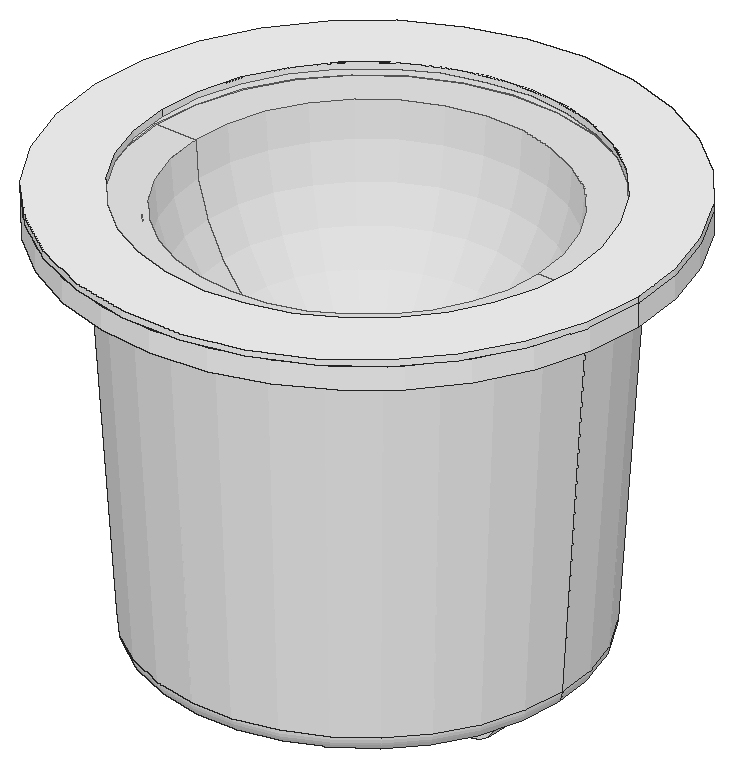
Revit family "2058957", category Lighting Fixtures, host Face, Revit 2018
Family settings
  Host = Face
  Round Connector Dimension = Use Diameter
  Part Type = Normal
  OmniClass Number = 23.80.70.11.17
  OmniClass Title = Specialized Lighting by Location or Use
  Cut with Voids When Loaded = No
  Light Source = Yes
  Shared = No
  Room Calculation Point = No
Parameters (values of type "2058957 MYRIAD DECO IP65 SP 3K DALI BK CBEZ")
  Weight = "n/a"
  Wattage = 15 W
  WarrantyStartDate [instance] = "n/a"
  WarrantyGuarantorParts = "n/a"
  WarrantyDurationUnit = "n/a"
  WarrantyDurationParts = ""
  WarrantyDescription = "http://www.sylvania-lighting.com"
  built-in parameter 1150110 = 1 (stored number, unit not read)
  Voltage = 230 V
  URL = "0"
  TypeName = "MYRIAD DECO IP65 SPOT 3000K DALI BLACK CBEZ"
  Type Image = 0
  Type Comments = ""
  built-in parameter 1114217 = 1 (stored number, unit not read)
  Tilt Angle = -90°
  built-in parameter 1150109 = 1 (stored number, unit not read)
  built-in parameter 1150134 = (empty or 0)
  built-in parameter 1150113 = 1 (stored number, unit not read)
  SerialNumber [instance] = "n/a"
  Reflector Radius = Cutout Diameter / 2 - 2.5 mm  # 35.0 mm
  Reflector Material = Aluminum_Sylvania_Myriad_Bright
  Recessed Depth = Height  # 72.0 mm
  PowerFactor = 0
  PowerConsumption = "Lighting"
  Photometric Web File = "2058957.ies"
  NominalWidth = 0.0 mm
  NominalLength = 76.0 mm
  NominalHeight = 72.0 mm
  Name = "MYRIAD DECO IP65 SPOT 3000K DALI BLACK CBEZ"
  ModelReference = "MYRIAD DECO IP65 SPOT 3000K DALI BLACK CBEZ"
  ModelNumber = "2058957"
  Material = "Feilo Sylvania"
  ManufacturerName = "111 lm/W"
  LuminousEfficacy = ""
  LuminaireType = "0"
  LightOutputRatio = "LED"
  LampsType = Lamp  # "n/a"
  LampNominalLuminous = "3000 K"
  LampMacAdamStep = "90"
  LampColourTemperature = "LED"
  LampColourRenderingIndex = "16500"
  Keynote = "n/a"
  Keynote_2 = "16500"
  InstallationDate [instance] = "n/a"
  InputVoltage = "0"
  InputNominalFrequency = "3000"
  IngressProtection = "IfcLightFixtureType"
  ImpactProtectionIndex = "IfcLightFixtureType"
  IfcExportType = "IfcLightFixtureType"
  IfcExportAs = "Class II"
  Height = 72.0 mm  # constant formula
  ExpectedLife = 50000
  Emit from Circle Diameter = Accessory Inner Diameter 2  # 68.0 mm
  Emit Shape Visible in Rendering = no
  ElectricShockClassification = "111"
  DurationUnit = "hours"
  DocumentationLiterature = "http://www.sylvania-lighting.com/product/en-int/products/2058957"
  DimmingControlOptions = "n/a"
  Diffuser Material = Glass_Sylvania_Myriad_Clear_4000K
  Diffuser Diameter = Cutout Diameter  # 75.0 mm
  Cutout Diameter = 75.0 mm  # constant formula
  CreatedOn = "03/02/2022"
  CreatedBy = "@sylvania-lighting.com"
  built-in parameter 1001205 = 0
  Cost = 0
  built-in parameter 1114216 [instance] = 1 (stored number, unit not read)
  Model = "MYRIAD DECO IP65 SPOT 3000K DALI BLACK CBEZ"
  Manufacturer = "Feilo Sylvania"  # constant formula
  built-in parameter 1150105 = 83.556 (stored number, unit not read)
  Lumens = 1050 lm
  built-in parameter 1150115 = 1 (stored number, unit not read)
  built-in parameter 1150137 = (empty or 0)
  built-in parameter 1150139 = (empty or 0)
  built-in parameter 1150112 = 1 (stored number, unit not read)
  built-in parameter 1150114 = 1 (stored number, unit not read)
  Lamp = "n/a"
  built-in parameter 1150132 = (empty or 0)
  built-in parameter 1150102 = (empty or 0)
  built-in parameter 1150107 = 2700 (stored number, unit not read)
  built-in parameter 1150138 = (empty or 0)
  built-in parameter 1150106 = 0.83556 (stored number, unit not read)
  built-in parameter 1150104 = 6.5032 (stored number, unit not read)
  Dimming Lamp Color Temperature Shift = <None>
  Description = "Supplied complete with electronic control gear Compact Fluorescent low energy downlight Emergency version passes through the cut out Ideal for low level orientation lighting New range of Architectural accessories each providing a different lit dimension New completely flush plaster up accessory ring for clean ceiling lines and smooth finish Order lamp separately"  # constant formula
  Default Elevation = 0.0 mm
  Color Filter = 16777215
  built-in parameter 1140040 [instance] = 1
  Body Radius = Reflector Radius + 1.5 mm  # 36.5 mm
  Body Material = Aluminum_Sylvania_Myriad_Gray
  BarCode [instance] = "n/a"
  built-in parameter 1114218 = 1 (stored number, unit not read)
  built-in parameter 1150133 = 10 (stored number, unit not read)
  AssetType = "Fixed"
  AssetIdentifier [instance] = "n/a"
  Assembly Code = "D5020200"
  Apparent Load = 10 VA
  Accessory Material = Aluminum_Sylvania_Myriad_White
  Accessory Inner Diameter 2 = Accessory Diameter - 22.0 mm  # 68.0 mm
  Accessory Inner Diameter 1 = Accessory Diameter - 2.0 mm  # 88.0 mm
  Accessory Diameter = Cutout Diameter + 15.0 mm  # 90.0 mm
Reference planes
  plane 1 "Center (Front/Back)": y = 0
  plane 2: z = 0
  plane 3 "Center (Left/Right)": x = 0
  plane 4: z = 2
  plane 5 "Fixture Bottom": z = 4.5
  plane 6: z = -28.5
  plane 7: z = -61.5
  plane 8 "Fixture Top": z = -67.5
  plane 9: z = 3.5
Forms (mm)
  Revolve 1, solid, material "Aluminum_Sylvania_Myriad_Bright" <- "Reflector Material", detail levels fine
    sketch origin (0, 0, 0) x (1, 0, 0) y (0, 0, 1)
      loop
        line (0, -27.515) -> (-6, -27.515)
        arc (-6, -27.515) -> (-22.333, -16.632) -> (-28.5, 2) r 30.135
        line (-28.5, 2) -> (-35, 2) -> (-35, 0) -> (-29.184, 0)
        arc (-29.184, 0) -> (-22.423, -18.18) -> (-6, -28.5) r 30.204
        line (-6, -28.5) -> (0, -28.5) -> (0, -27.515)
      axis (0, -28.5) -> (0, 2)
    angle from 0 to 360
  Revolve 2, solid, material "Aluminum_Sylvania_Myriad_Gray" <- "Body Material", detail levels fine
    sketch origin (0, 0, 0) x (1, 0, 0) y (0, 0, 1)
      loop
        line (-44, 2) -> (-44, 0) -> (-36.5, 0) -> (-32.42, -58.708)
        arc (-32.42, -58.708) -> (-31.474, -60.694) -> (-29.428, -61.5) r 3
        line (-29.428, -61.5) -> (0, -61.5) -> (0, -28.5) -> (-6, -28.5)
        arc (-6, -28.5) -> (-22.423, -18.18) -> (-29.184, 0) r 30.204
        line (-29.184, 0) -> (-35, 0) -> (-35, 2) -> (-44, 2)
      axis (0, 2) -> (0, -61.5)
    angle from 0 to 360
  Extrusion 3, solid, material "Aluminum_Sylvania_Myriad_Gray" <- "Body Material", detail levels fine
    sketch origin (0, 0, 0) x (1, 0, 0) y (0, 0, 1)
      loop
        line (-13.5, -67.5) -> (21, -67.5)
        arc (21, -67.5) -> (23.828, -66.328) -> (25, -63.5) r 4
        line (25, -63.5) -> (25, -61.5) -> (-17.5, -61.5) -> (-17.5, -63.5)
        arc (-17.5, -63.5) -> (-16.328, -66.328) -> (-13.5, -67.5) r 4
    from -4.5 to 4.5
  Extrusion 4, solid, material "Aluminum_Sylvania_Myriad_White" <- "Accessory Material", detail levels fine
    sketch origin (0, 0, 0) x (1, 0, 0) y (0, 1, 0)
      loop
        circle (0, 0) r 45
      loop
        circle (0, 0) r 44
    from 0 to 3.5
  Extrusion 5, solid, material "Aluminum_Sylvania_Myriad_White" <- "Accessory Material", detail levels fine
    sketch origin (0, 0, 0) x (1, 0, 0) y (0, 1, 0)
      loop
        circle (0, 0) r 45
      loop
        circle (0, 0) r 34
    from 3.5 to 4.5
  Extrusion 6, solid, material "Aluminum_Sylvania_Myriad_White" <- "Accessory Material", detail levels coarse+medium
    sketch origin (0, 0, 0) x (1, 0, 0) y (0, 1, 0)
      loop
        circle (0, 0) r 45
    from 0 to 4.5
  Revolve 7, solid, detail levels coarse+medium
    sketch origin (0, 0, 0) x (1, 0, 0) y (0, 0, 1)
      loop
        line (36.5, 0) -> (0, 0) -> (0, -61.5) -> (32.226, -61.5) -> (36.5, 0)
      axis (0, 0) -> (0, -61.5)
    angle from 0 to 360
  Extrusion 8, void
    sketch origin (0, 0, 0) x (1, 0, 0) y (0, 1, 0)
      loop
        circle (0, 0) r 37.5
    from -67.5 to 0
  Extrusion 9, solid, material "Glass_Sylvania_Myriad_Clear_4000K" <- "Diffuser Material", detail levels fine
    sketch origin (0, 0, 0) x (1, 0, 0) y (0, 1, 0)
      loop
        circle (0, 0) r 37.5
    from 2 to 3.5
Cuts and joins
  joined: Extrusion 4, Extrusion 5
Lines and regions (mm)
  Masking region 1
    outline origin (0, 0, 0) x (1, 0, 0) y (0, 1, 0)
      loop
        circle (0, 0) r 45
  symbolic lines
    curve 1: arc (-34, 0, 0) -> (0, 34, 0) -> (34, 0, 0) r 34
    curve 2: arc (34, 0, 0) -> (0, -34, 0) -> (-34, 0, 0) r 34
Dimensions and locks
  locked: plane 7 to plane 8 "Fixture Top" at 6
  "Body Radius": Revolve 7 sketch curve to plane 3 "Center (Left/Right)"
  locked: Revolve 7 sketch curve to Revolve 7 sketch curve at 4.274
  plane 5 "Fixture Bottom" to plane 9 to plane 4 to plane 2 to plane 6 = 1.0 mm locked, 1.5 mm locked, 2.0 mm locked, 28.5 mm locked
  "Reflector Radius": Revolve 1 sketch curve to plane 3 "Center (Left/Right)"
  Revolve 1 sketch curve to Revolve 1 sketch curve to Revolve 1 sketch curve to Revolve 1 sketch curve = 6.5 mm locked, 22.5 mm locked, 0.0 mm locked
  "Reflector Radius": plane 3 "Center (Left/Right)" to Revolve 2 sketch curve
  Revolve 2 sketch curve to Revolve 2 sketch curve to Revolve 2 sketch curve = 7.5 mm locked, 1.5 mm locked
  Revolve 2 sketch curve to Revolve 2 sketch curve to Revolve 2 sketch curve = 5.816 mm locked, 23.184 mm locked
  Revolve 2 sketch curve to Revolve 2 sketch curve to Revolve 2 sketch curve = 2.58 mm locked, 2.993 mm locked
  "Accessory Diameter": diameter of Extrusion 4 sketch curve
  "Accessory Inner Diameter 1": diameter of Extrusion 4 sketch curve
  "Accessory Diameter": diameter of Extrusion 5 sketch curve
  "Accessory Diameter": diameter of Extrusion 6 sketch curve
  "Cutout Diameter": diameter of Extrusion 8 sketch curve
  "Accessory Inner Diameter 2": diameter of Extrusion 5 sketch curve
  "Diffuser Diameter": diameter of Extrusion 9 sketch curve
  aligned and locked: plane 2 to host face
  aligned and locked: level to host face
  aligned and locked: plane 1 "Center (Front/Back)" to imposter light
  aligned and locked: plane 3 "Center (Left/Right)" to imposter light
  aligned and locked: Revolve 1 sketch curve to imposter light
  aligned and locked: Extrusion 3 sketch curve to plane 8 "Fixture Top"
  aligned and locked: plane 7 to Extrusion 3 sketch curve
  aligned and locked: Extrusion 4 to plane 2
  aligned and locked: plane 9 to Extrusion 4
  aligned and locked: Extrusion 5 to plane 9
  aligned and locked: plane 5 "Fixture Bottom" to Extrusion 5
  aligned and locked: Extrusion 6 to plane 2
  aligned and locked: plane 5 "Fixture Bottom" to Extrusion 6
  aligned and locked: Extrusion 8 to plane 8 "Fixture Top"
  aligned and locked: plane 2 to Extrusion 8
  aligned and locked: Masking region 1 sketch curve to Extrusion 6  (x2)
  aligned and locked: Extrusion 9 to plane 4
  aligned and locked: plane 9 to Extrusion 9
  aligned and locked: plane 4 to Revolve 2 sketch curve
  aligned and locked: Revolve 2 sketch curve to plane 2
  aligned and locked: curve 1 to cut or joined group of Extrusion 4, Extrusion 5
  aligned and locked: curve 2 to cut or joined group of Extrusion 4, Extrusion 5
  aligned and locked: imposter light to plane 5 "Fixture Bottom"
Automatic sketch dimensions
  host sketch curve to host sketch curve = 1305.563 mm
  host sketch curve to host sketch curve = 1283.632 mm
  Extrusion 3 sketch curve to plane 7 = 2.0 mm
  Extrusion 3 sketch curve to plane 3 "Center (Left/Right)" = 13.5 mm
  plane 3 "Center (Left/Right)" to Extrusion 3 sketch curve = 21.0 mm
  Extrusion 3 sketch curve to Extrusion 3 sketch curve = 4.0 mm
  Revolve 1 sketch curve to level = 0.0 mm
  Revolve 1 sketch curve to plane 3 "Center (Left/Right)" = 0.0 mm
  Revolve 1 sketch curve to plane 6 = 0.0 mm
  Revolve 1 sketch curve to plane 4 = 0.0 mm
  Revolve 1 sketch curve to Revolve 1 sketch curve = 0.684 mm
  level to Revolve 1 sketch curve = 0.88 mm
  Revolve 1 sketch curve to plane 4 = 0.363 mm
  Revolve 1 sketch curve to Revolve 1 sketch curve = 0.625 mm
  Revolve 1 sketch curve to plane 8 "Fixture Top" = 232.8 mm
  plane 5 "Fixture Bottom" to Revolve 1 sketch curve = 291.243 mm
  Revolve 2 sketch curve to plane 3 "Center (Left/Right)" = 0.0 mm  (x2)
  Revolve 2 sketch curve to plane 7 = 0.0 mm
  Revolve 2 sketch curve to plane 6 = 0.0 mm
  Revolve 2 sketch curve to level = 0.0 mm
  level to Revolve 2 sketch curve = 0.88 mm
  plane 7 to Revolve 2 sketch curve = 2.792 mm
  Revolve 2 sketch curve to plane 8 "Fixture Top" = 304.774 mm
  plane 5 "Fixture Bottom" to Revolve 2 sketch curve = 1137.105 mm
  Extrusion 4 sketch curve to Extrusion 4 sketch curve = 0.0 mm  (x2)
  plane 1 "Center (Front/Back)" to Extrusion 4 sketch curve = 0.0 mm
  Extrusion 4 sketch curve to plane 3 "Center (Left/Right)" = 0.0 mm
  Extrusion 5 sketch curve to Extrusion 5 sketch curve = 0.0 mm  (x2)
  plane 1 "Center (Front/Back)" to Extrusion 5 sketch curve = 0.0 mm
  Extrusion 5 sketch curve to plane 3 "Center (Left/Right)" = 0.0 mm
  plane 1 "Center (Front/Back)" to Extrusion 6 sketch curve = 0.0 mm
  Extrusion 6 sketch curve to plane 3 "Center (Left/Right)" = 0.0 mm
  Revolve 7 sketch curve to level = 0.0 mm
  Revolve 7 sketch curve to plane 3 "Center (Left/Right)" = 0.0 mm  (x2)
  Revolve 7 sketch curve to plane 7 = 0.0 mm
  Revolve 7 sketch curve to plane 8 "Fixture Top" = 304.774 mm
  plane 5 "Fixture Bottom" to Revolve 7 sketch curve = 43.226 mm
  plane 1 "Center (Front/Back)" to Extrusion 8 sketch curve = 0.0 mm
  Extrusion 8 sketch curve to plane 3 "Center (Left/Right)" = 0.0 mm
  plane 1 "Center (Front/Back)" to Extrusion 9 sketch curve = 0.0 mm
  Extrusion 9 sketch curve to plane 3 "Center (Left/Right)" = 0.0 mm
Connectors
  electrical at (-0.006, -0.019, -67.5), driven by "Apparent Load", driven by "Apparent Load"
    settings: on plane 8 "Fixture Top", index 1, voltage 230 V, apparent load 10 VA, apparent load phase1 10 VA, apparent load phase2 0 VA, apparent load phase3 0 VA, power factor 1, load classification "Lighting", number of poles 1, system type 30, power factor state 1, is connector primary yes, connector utility no, sub classification motor no, connector description ""
